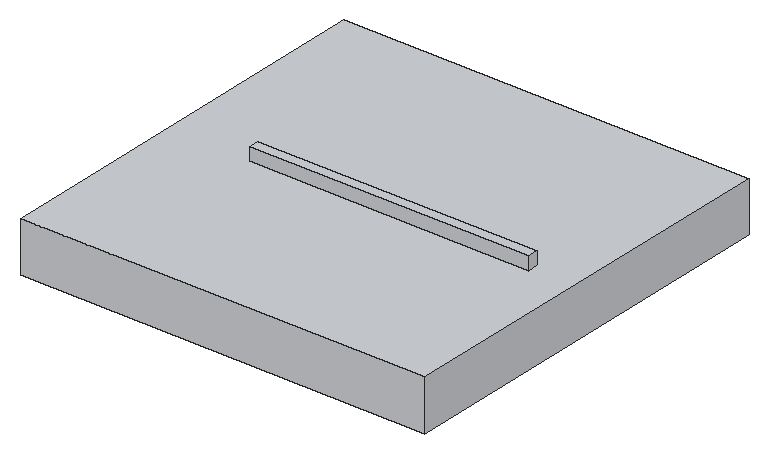
Revit family "HYPERLINE", category Luminaires, Revit 2021
Family settings
  Hôte = Face
  Cote de connecteur circulaire = Utiliser le diamètre
  Type d'élément = Normal
  Couper avec des vides une fois chargée = Oui
  Source d'éclairage = Oui
  Partagée = Non
  Point de calcul de pièce = Oui
Parameters (values of type "504110")
  nbr poles = 1  # constant formula
  longueur = 1680 mm
  largeur = 64 mm
  indice de charge = Eclairage
  hauteur = 69 mm
  URL = "https://www.resistex-sa.com/fr/hyperline-1438mm-9712lm-multi-w-4000k-1225.html"
  Tension = 230 V  # constant formula
  built-in parameter 1150107 = 4000 (stored number, unit not read)
  Wattage = 58.5 W
  built-in parameter 1150110 = 1 (stored number, unit not read)
  built-in parameter 1150109 = 1 (stored number, unit not read)
  built-in parameter 1114218 = 1 (stored number, unit not read)
  built-in parameter 1150113 = 1 (stored number, unit not read)
  built-in parameter 1150112 = 1 (stored number, unit not read)
  built-in parameter 1150137 = (empty or 0)
  built-in parameter 1150132 = (empty or 0)
  Modèle = "HYPERLINE"
  built-in parameter 1150105 = 45212.1 (stored number, unit not read)
  built-in parameter 1150102 = (empty or 0)
  Type Image = (empty or 0)
  IP = "IP 40"  # constant formula
  IK = "IK 08"  # constant formula
  Gradation des changements de température de couleur de lampe = <Aucun>
  Garantie = "5 ans"  # constant formula
  Lumens = 568152 lm
  Color Filter = 16777215
  Fichier de distribution photométrique = "HYPERLINE_504110_LD.ies"
  built-in parameter 1114217 = 1 (stored number, unit not read)
  built-in parameter 1150139 = (empty or 0)
  Fabricant = "Resistex"  # constant formula
  Emit from Line Length = 609.6 mm
  Default Elevation = 1219.2 mm
  built-in parameter 1150104 = 902.27 (stored number, unit not read)
  built-in parameter 1150106 = 452.12 (stored number, unit not read)
  built-in parameter 1150115 = 1 (stored number, unit not read)
  built-in parameter 1150114 = 1 (stored number, unit not read)
  Description = "Luminaire industriel équipé de platine LED SMD avec refroidisseur passif\r\nCouleur : Blanc - RAL 9003\r\nIP 40, IK 08\r\nLarg. 64mm x Long. 1438mm x Haut. 69mm\r\nFlux restitué 9712lm ( 8530lm 7252lm 6025lm)\r\nConso. système 58.5W ( 50.6W 42.3W 32.7W)\r\nEfficacité lumineuse produit complet 166lm/W ( 168.57lm/W 171.44lm/W 184.25lm/W)\r\nLM80 L90F10 > 90 000h (Ta 25°C)\r\nSVM 0.004\r\nPstLM 0.028\r\nDiffuseur PMMA Direct/Symétrique/Asymétrique Translucide, Corps en Aluminium\r\nIRC >80\r\nGarantie 5 ans\r\nEmpreinte carbone 5.26gCO2/h ( 4.55gCO2/h 3.8gCO2/h 2.94gCO2/h)\r\nIndice de réparabilité 8,7"
  built-in parameter 1150138 = (empty or 0)
  built-in parameter 1150134 = 12
  Couleur Corp = none
  Commentaires relatifs à la puissance = "58.5"
  Apparent Load = 59.69 VA
  Tilt Angle = 60.00°
  built-in parameter 1150133 = 10 (stored number, unit not read)
Types (4, lengths in mm): name | longueur | URL | Wattage | Modèle | built-in parameter 1150105 | Lumens | Fichier de distribution photométrique | built-in parameter 1150104 | built-in parameter 1150106 | Commentaires relatifs à la puissance | Apparent Load
  (no name) | 1680 | "https://www.resistex-sa.com/fr/hyperline-1438mm-9712lm-multi-w-4000k-1225.html" | 58.5 W | "HYPERLINE" | 45212.1 (stored number, unit not read) | 568152 lm | "HYPERLINE_504110_LD.ies" | 902.27 (stored number, unit not read) | 452.12 (stored number, unit not read) | "58.5" | 59.69 VA
  504110 | 1680 | "https://www.resistex-sa.com/fr/hyperline-1438mm-9712lm-multi-w-4000k-1225.html" | 58.5 W | "HYPERLINE" | 45212.1 (stored number, unit not read) | 568152 lm | "HYPERLINE_504110_LD.ies" | 902.27 (stored number, unit not read) | 452.12 (stored number, unit not read) | "58.5" | 59.69 VA
  504120 | 1680 | "https://www.resistex-sa.com/fr/hyperline-led-dali-1438-mm-4000k-1412.html" | 58.5 W | "HYPERLINE DALI" | 45212.1 (stored number, unit not read) | 568152 lm | "HYPERLINE_504120_LD.ies" | 902.27 (stored number, unit not read) | 452.12 (stored number, unit not read) | "58.5" | 59.69 VA
  504111 | 2258 | "https://www.resistex-sa.com/fr/hyperline-2012mm-11418lm-multi-w-4000k-1226.html" | 63.6 W | "HYPERLINE" | 57788 (stored number, unit not read) | 726184.8 lm | "HYPERLINE_504111_LD.ies" | 1060.8 (stored number, unit not read) | 577.88 (stored number, unit not read) | "63.6" | 64.89 VA
Reference planes
  plane 1 "Centre (avant/arrière)": y = 0
  plane 2: z = 0
  plane 3 "Centre (gauche/droite)": x = 0
  plane 4: x = -840
  plane 5: x = -767.875
  plane 6: x = 840
  plane 7: x = 767.875
  plane 8: y = -32
  plane 9: y = -64
  plane 10 "debut krea": z = 0
  plane 11: z = 69
Forms (mm)
  Extrusion 1, solid
    sketch origin (-120.8, 50.8, 0) x (1, 0, 0) y (0, 1, 0)
      loop
        line (-1219.2, 1219.2) -> (-1219.2, -1219.2) -> (1219.2, -1219.2) -> (1219.2, 1219.2) -> (-1219.2, 1219.2)
    from 0 to -304.8
  Extrusion 2, solid, material <- "Couleur Corp"
    sketch origin (0, 0, 0) x (-1, 0, 0) y (0, -1, 0)
      loop
        line (840, 0) -> (840, 64) -> (-840, 64) -> (-840, 0) -> (840, 0)
    from 0 to 78
Dimensions and locks
  equal spacing: plane 9, plane 8, plane 1 "Centre (avant/arrière)"
  equal spacing: plane 4, plane 3 "Centre (gauche/droite)", plane 6
  locked: plane 4 to plane 5 at 72.125
  locked: plane 7 to plane 6 at 72.125
  "largeur": plane 1 "Centre (avant/arrière)" to plane 9
  "longueur": plane 4 to plane 6
  "hauteur": plane 11 to plane 10 "debut krea"
  aligned and locked: plane 2 to Extrusion 1
  aligned and locked: level to Extrusion 1
  aligned and locked: plane 1 "Centre (avant/arrière)" to Extrusion 2 sketch curve
  aligned and locked: plane 4 to Extrusion 2 sketch curve
  aligned and locked: plane 9 to Extrusion 2 sketch curve
  aligned and locked: plane 6 to Extrusion 2 sketch curve
  aligned and locked: Extrusion 2 to imposter light
  aligned and locked: plane 10 "debut krea" to level
Automatic sketch dimensions
  Extrusion 1 sketch curve to Extrusion 1 sketch curve = 2438.4 mm  (x2)
Connectors
  electrical at (0, -32, 0), driven by "nbr poles", driven by "indice de charge", driven by "Tension", driven by "Apparent Load"
    settings: on Extrusion 2, index 1, voltage 230 V, apparent load 59.69 VA, apparent load phase1 0 VA, apparent load phase2 0 VA, apparent load phase3 0 VA, power factor 1, load classification "Eclairage", number of poles 1, system type 30, power factor state 1, is connector primary yes, connector utility no, sub classification motor no, connector description ""
